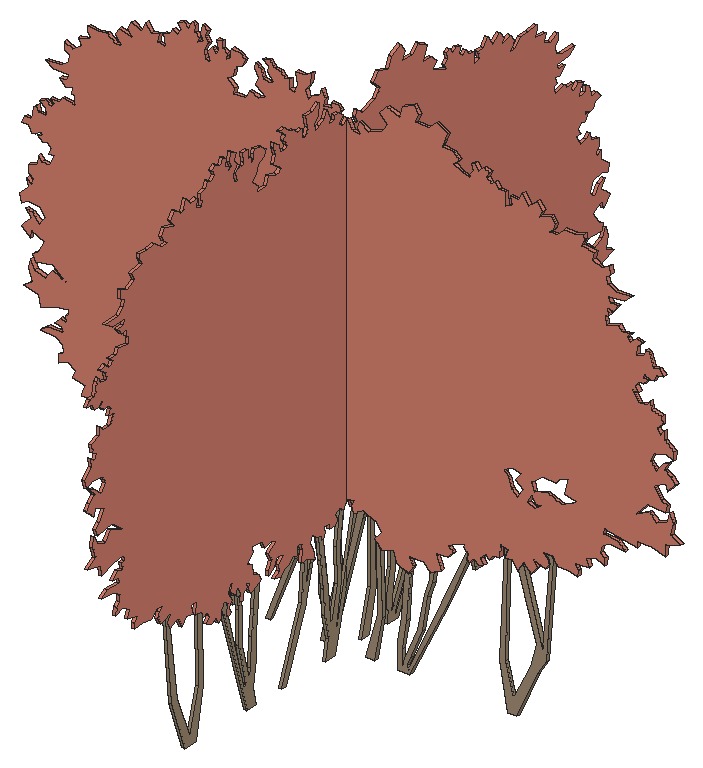
Revit family "L-PL상록관목_남천", category 수목, Revit 2019 (continued)
Definition of nested family "남천_base"
  Lines and regions (mm)
    symbolic lines
      curve 323: line (-344.199, -262.409, 0) -> (-336.896, -264.125, 0)
      curve 324: line (-336.896, -264.125, 0) -> (-328.104, -264.624, 0)
      curve 325: line (-328.104, -264.624, 0) -> (-317.769, -263.854, 0)
      curve 326: line (-317.769, -263.854, 0) -> (-305.839, -261.759, 0)
      curve 327: line (-305.839, -261.759, 0) -> (-292.261, -258.287, 0)
      curve 328: line (-292.261, -258.287, 0) -> (-277.101, -253.496, 0)
      curve 329: line (-277.101, -253.496, 0) -> (-260.899, -247.897, 0)
      curve 330: line (-260.899, -247.897, 0) -> (-244.315, -242.114, 0)
      curve 331: line (-244.315, -242.114, 0) -> (-228.011, -236.771, 0)
      curve 332: line (-228.011, -236.771, 0) -> (-212.645, -232.492, 0)
      curve 333: line (-212.645, -232.492, 0) -> (-198.878, -229.9, 0)
      curve 334: line (-198.878, -229.9, 0) -> (-187.37, -229.619, 0)
      curve 335: line (-187.37, -229.619, 0) -> (-178.78, -232.273, 0)
      curve 336: line (-178.78, -232.273, 0) -> (-173.556, -238.258, 0)
      curve 337: line (-173.556, -238.258, 0) -> (-171.29, -247.057, 0)
      curve 338: line (-171.29, -247.057, 0) -> (-171.362, -257.924, 0)
      curve 339: line (-171.362, -257.924, 0) -> (-173.152, -270.115, 0)
      curve 340: line (-173.152, -270.115, 0) -> (-176.04, -282.885, 0)
      curve 341: line (-176.04, -282.885, 0) -> (-179.405, -295.488, 0)
      curve 342: line (-179.405, -295.488, 0) -> (-182.627, -307.18, 0)
      curve 343: line (-182.627, -307.18, 0) -> (-185.086, -317.215, 0)
      curve 344: line (-185.086, -317.215, 0) -> (-186.291, -325.041, 0)
      curve 345: line (-186.291, -325.041, 0) -> (-186.276, -330.872, 0)
      curve 346: line (-186.276, -330.872, 0) -> (-185.204, -335.116, 0)
      curve 347: line (-185.204, -335.116, 0) -> (-183.236, -338.18, 0)
      curve 348: line (-183.236, -338.18, 0) -> (-180.536, -340.47, 0)
      curve 349: line (-180.536, -340.47, 0) -> (-177.266, -342.394, 0)
      curve 350: line (-177.266, -342.394, 0) -> (-173.59, -344.359, 0)
      curve 351: line (-173.59, -344.359, 0) -> (-169.67, -346.771, 0)
      curve 352: line (-169.67, -346.771, 0) -> (-165.635, -349.909, 0)
      curve 353: line (-165.635, -349.909, 0) -> (-161.472, -353.535, 0)
      curve 354: line (-161.472, -353.535, 0) -> (-157.137, -357.28, 0)
      curve 355: line (-157.137, -357.28, 0) -> (-152.582, -360.778, 0)
      curve 356: line (-152.582, -360.778, 0) -> (-147.763, -363.662, 0)
      curve 357: line (-147.763, -363.662, 0) -> (-142.633, -365.564, 0)
      curve 358: line (-142.633, -365.564, 0) -> (-137.146, -366.116, 0)
      curve 359: line (-137.146, -366.116, 0) -> (-131.256, -364.952, 0)
      curve 360: line (-131.256, -364.952, 0) -> (-124.925, -361.849, 0)
      curve 361: line (-124.925, -361.849, 0) -> (-118.149, -357.158, 0)
      curve 362: line (-118.149, -357.158, 0) -> (-110.93, -351.378, 0)
      curve 363: line (-110.93, -351.378, 0) -> (-103.272, -345.007, 0)
      curve 364: line (-103.272, -345.007, 0) -> (-95.178, -338.541, 0)
      curve 365: line (-95.178, -338.541, 0) -> (-86.651, -332.478, 0)
      curve 366: line (-86.651, -332.478, 0) -> (-77.694, -327.316, 0)
      curve 367: line (-77.694, -327.316, 0) -> (-68.311, -323.551, 0)
      curve 368: line (-68.311, -323.551, 0) -> (-58.533, -321.523, 0)
      curve 369: line (-58.533, -321.523, 0) -> (-48.513, -320.935, 0)
      curve 370: line (-48.513, -320.935, 0) -> (-38.431, -321.333, 0)
      curve 371: line (-38.431, -321.333, 0) -> (-28.466, -322.263, 0)
      curve 372: line (-28.466, -322.263, 0) -> (-18.799, -323.27, 0)
      curve 373: line (-18.799, -323.27, 0) -> (-9.612, -323.899, 0)
      curve 374: line (-9.612, -323.899, 0) -> (-1.084, -323.696, 0)
      curve 375: line (-1.084, -323.696, 0) -> (6.605, -322.206, 0)
      curve 376: line (-62.794, -340.178, 0) -> (20.879, -374.868, 0)
      curve 377: line (20.879, -374.868, 0) -> (24.338, -414.761, 0)
      curve 378: line (24.338, -414.761, 0) -> (46.311, -349.785, 0)
      curve 379: line (46.311, -349.785, 0) -> (90.016, -448.284, 0)
      curve 380: line (90.016, -448.284, 0) -> (99.077, -419.784, 0)
      curve 381: line (99.077, -419.784, 0) -> (220.962, -448.11, 0)
      curve 382: line (220.962, -448.11, 0) -> (247.688, -374.985, 0)
      curve 383: line (247.688, -374.985, 0) -> (272.381, -379.763, 0)
      curve 384: line (272.381, -379.763, 0) -> (233.091, -309.909, 0)
      curve 385: line (233.091, -309.909, 0) -> (282.45, -221.463, 0)
      curve 386: line (282.45, -221.463, 0) -> (342.986, -243.208, 0)
      curve 387: line (342.986, -243.208, 0) -> (249.441, -123.086, 0)
      curve 388: line (249.441, -123.086, 0) -> (339.495, -143.389, 0)
      curve 389: line (339.495, -143.389, 0) -> (273.578, -96.56, 0)
      curve 390: line (273.578, -96.56, 0) -> (412.987, -108.265, 0)
      curve 391: line (412.987, -108.265, 0) -> (407.164, -71.836, 0)
      curve 392: line (407.164, -71.836, 0) -> (495.444, -50.742, 0)
      curve 393: line (495.444, -50.742, 0) -> (455.026, 5.316, 0)
      curve 394: line (455.026, 5.316, 0) -> (470.635, 35.872, 0)
      curve 395: line (470.635, 35.872, 0) -> (370.902, 38.002, 0)
      curve 396: line (370.902, 38.002, 0) -> (354.226, 143.564, 0)
      curve 397: line (354.226, 143.564, 0) -> (434.657, 197.75, 0)
      curve 398: line (434.657, 197.75, 0) -> (408.631, 202.091, 0)
      curve 399: line (408.631, 202.091, 0) -> (399.5, 269.189, 0)
      curve 400: line (399.5, 269.189, 0) -> (295.669, 235.228, 0)
      curve 401: line (295.669, 235.228, 0) -> (284.773, 305.401, 0)
      curve 402: line (284.773, 305.401, 0) -> (247.113, 265.311, 0)
      curve 403: line (247.113, 265.311, 0) -> (179.061, 315.112, 0)
      curve 404: line (179.061, 315.112, 0) -> (203.93, 389.15, 0)
      curve 405: line (203.93, 389.15, 0) -> (141.07, 378.23, 0)
      curve 406: line (141.07, 378.23, 0) -> (119.271, 444.467, 0)
      curve 407: line (119.271, 444.467, 0) -> (2.399, 394.559, 0)
      curve 408: line (2.399, 394.559, 0) -> (1.111, 406.549, 0)
      curve 409: line (1.111, 406.549, 0) -> (-36.89, 288.151, 0)
      curve 410: line (-36.89, 288.151, 0) -> (-142.979, 331.619, 0)
      curve 411: line (-142.979, 331.619, 0) -> (-179.526, 423.782, 0)
      curve 412: line (-179.526, 423.782, 0) -> (-205.779, 385.616, 0)
      curve 413: line (-205.779, 385.616, 0) -> (-259.36, 419.107, 0)
      curve 414: line (-259.36, 419.107, 0) -> (-293.135, 356.99, 0)
      curve 415: line (-293.135, 356.99, 0) -> (-330.363, 359.747, 0)
      curve 416: line (-330.363, 359.747, 0) -> (-247.045, 238.623, 0)
      curve 417: line (-247.045, 238.623, 0) -> (-324.399, 168.605, 0)
      curve 418: line (-324.399, 168.605, 0) -> (-407.397, 208.408, 0)
      curve 419: line (-407.397, 208.408, 0) -> (-338.362, 115.277, 0)
      curve 420: line (-338.362, 115.277, 0) -> (-436.25, 115.995, 0)
      curve 421: line (-436.25, 115.995, 0) -> (-334.975, 40.803, 0)
      curve 422: line (-334.975, 40.803, 0) -> (-451.005, 26.031, 0)
      curve 423: line (-451.005, 26.031, 0) -> (-405.333, -26.03, 0)
      curve 424: line (-405.333, -26.03, 0) -> (-413.203, -28.243, 0)
      curve 425: line (-413.203, -28.243, 0) -> (-359.717, -36.076, 0)
      curve 426: line (-359.717, -36.076, 0) -> (-354.803, -152.296, 0)
      curve 427: line (-354.803, -152.296, 0) -> (-439.005, -201.47, 0)
      curve 428: line (-439.005, -201.47, 0) -> (-392.322, -223.424, 0)
      curve 429: line (-392.322, -223.424, 0) -> (-408.942, -284.345, 0)
      curve 430: line (-408.942, -284.345, 0) -> (-325.495, -301.299, 0)
      curve 431: line (-325.495, -301.299, 0) -> (-338.476, -319.972, 0)
      curve 432: line (-338.476, -319.972, 0) -> (-196.871, -253.886, 0)
      curve 433: line (-196.871, -253.886, 0) -> (-247.964, -381.989, 0)
      curve 434: line (-247.964, -381.989, 0) -> (-184.282, -370.74, 0)
      curve 435: line (-184.282, -370.74, 0) -> (-137.014, -438.616, 0)
      curve 436: line (-137.014, -438.616, 0) -> (-62.794, -340.178, 0)
      curve 437: circle (0, 0, 0) r 21.737 normal (0, 0, 1)
      curve 438: line (-52.762, -377.019, 0) -> (-7.615, -395.736, 0)
      curve 439: line (-7.615, -395.736, 0) -> (6.721, -561.094, 0)
      curve 440: line (6.721, -561.094, 0) -> (50.111, -432.787, 0)
      curve 441: line (50.111, -432.787, 0) -> (94.685, -533.243, 0)
      curve 442: line (94.685, -533.243, 0) -> (119.401, -455.502, 0)
      curve 443: line (119.401, -455.502, 0) -> (240.148, -483.563, 0)
      curve 444: line (240.148, -483.563, 0) -> (267.212, -409.513, 0)
      curve 445: line (267.212, -409.513, 0) -> (330.656, -421.789, 0)
      curve 446: line (330.656, -421.789, 0) -> (267.696, -309.851, 0)
      curve 447: line (267.696, -309.851, 0) -> (296.337, -258.53, 0)
      curve 448: line (296.337, -258.53, 0) -> (430.795, -306.827, 0)
      curve 449: line (430.795, -306.827, 0) -> (325.088, -171.089, 0)
      curve 450: line (325.088, -171.089, 0) -> (479.668, -205.94, 0)
      curve 451: line (479.668, -205.94, 0) -> (381.053, -135.88, 0)
      curve 452: line (381.053, -135.88, 0) -> (448.885, -141.576, 0)
      curve 453: line (448.885, -141.576, 0) -> (441.392, -94.697, 0)
      curve 454: line (441.392, -94.697, 0) -> (546.285, -69.634, 0)
      curve 455: line (546.285, -69.634, 0) -> (490.303, 8.01, 0)
      curve 456: line (490.303, 8.01, 0) -> (519.43, 65.027, 0)
      curve 457: line (519.43, 65.027, 0) -> (396.784, 67.646, 0)
      curve 458: line (396.784, 67.646, 0) -> (387.048, 129.274, 0)
      curve 459: line (387.048, 129.274, 0) -> (514.384, 215.06, 0)
      curve 460: line (514.384, 215.06, 0) -> (435.545, 228.209, 0)
      curve 461: line (435.545, 228.209, 0) -> (424.532, 309.14, 0)
      curve 462: line (424.532, 309.14, 0) -> (320.051, 274.967, 0)
      curve 463: line (320.051, 274.967, 0) -> (305.116, 371.149, 0)
      curve 464: line (305.116, 371.149, 0) -> (243.393, 305.445, 0)
      curve 465: line (243.393, 305.445, 0) -> (214.712, 326.433, 0)
      curve 466: line (214.712, 326.433, 0) -> (248.681, 427.567, 0)
      curve 467: line (248.681, 427.567, 0) -> (161.595, 412.438, 0)
      curve 468: line (161.595, 412.438, 0) -> (137.665, 485.15, 0)
      curve 469: line (137.665, 485.15, 0) -> (28.06, 438.345, 0)
      curve 470: line (28.06, 438.345, 0) -> (15.914, 551.456, 0)
      curve 471: line (15.914, 551.456, 0) -> (-55.657, 328.466, 0)
      curve 472: line (-55.657, 328.466, 0) -> (-119.649, 354.686, 0)
      curve 473: line (-119.649, 354.686, 0) -> (-172.325, 487.522, 0)
      curve 474: line (-172.325, 487.522, 0) -> (-214.278, 426.531, 0)
      curve 475: line (-214.278, 426.531, 0) -> (-270.56, 461.71, 0)
      curve 476: line (-270.56, 461.71, 0) -> (-310.346, 388.538, 0)
      curve 477: line (-310.346, 388.538, 0) -> (-390.914, 394.505, 0)
      curve 478: line (-390.914, 394.505, 0) -> (-286.89, 243.278, 0)
      curve 479: line (-286.89, 243.278, 0) -> (-329.627, 204.594, 0)
      curve 480: line (-329.627, 204.594, 0) -> (-504.213, 288.319, 0)
      curve 481: line (-504.213, 288.319, 0) -> (-398.649, 145.91, 0)
      curve 482: line (-398.649, 145.91, 0) -> (-528.469, 146.862, 0)
      curve 483: line (-528.469, 146.862, 0) -> (-413.198, 61.278, 0)
      curve 484: line (-413.198, 61.278, 0) -> (-511.148, 48.808, 0)
      curve 485: line (-511.148, 48.808, 0) -> (-459.616, -9.932, 0)
      curve 486: line (-459.616, -9.932, 0) -> (-557.89, -37.564, 0)
      curve 487: line (-557.89, -37.564, 0) -> (-388.824, -62.325, 0)
      curve 488: line (-388.824, -62.325, 0) -> (-385.734, -135.399, 0)
      curve 489: line (-385.734, -135.399, 0) -> (-503.812, -204.356, 0)
      curve 490: line (-503.812, -204.356, 0) -> (-428.124, -239.949, 0)
      curve 491: line (-428.124, -239.949, 0) -> (-446.555, -307.51, 0)
      curve 492: line (-446.555, -307.51, 0) -> (-376.478, -321.747, 0)
      curve 493: line (-376.478, -321.747, 0) -> (-427.18, -394.686, 0)
      curve 494: line (-427.18, -394.686, 0) -> (-253.134, -313.46, 0)
      curve 495: line (-253.134, -313.46, 0) -> (-296.084, -421.148, 0)
      curve 496: line (-296.084, -421.148, 0) -> (-198.031, -403.826, 0)
      curve 497: line (-198.031, -403.826, 0) -> (-137.985, -490.051, 0)
      curve 498: line (-137.985, -490.051, 0) -> (-52.762, -377.019, 0)
  Dimensions and locks
    aligned and locked: level to plane 2
